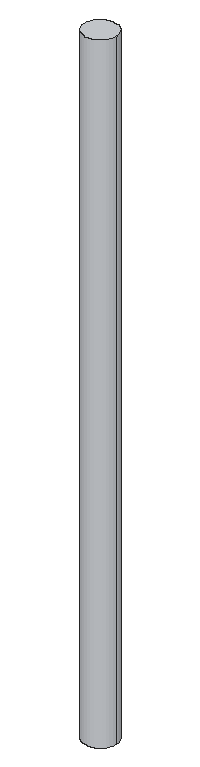
Revit family "f3e3329b2d644ba18b59fd1607a09ebd", category Columns, Revit 2020
Family settings
  OmniClass Number = 23.25.30.11.14.11
  OmniClass Title = Columns
  Seek Item ID = Round Column-0000-CAN-ENU
  Cut with Voids When Loaded = No
  Automatically joins geometry to walls = Yes
  Shared = No
  Show family pre-cut in plan views = Yes
Parameters (values of type "152mm Diameter")
  Diameter = 152.00 mm
  Material = none
  Offset Base = 0.00 mm
  Offset Top = 0.00 mm
Types (4, lengths in mm): name | Diameter
  (no name) | 152.00
  152mm Diameter | 152.00
  305mm Diameter | 305.00
  610mm Diameter | 610.00
Reference planes
  plane 1: y = 0
  plane 2: z = 0
  plane 3: x = 0
  plane 4: x = -76
  plane 5: x = 76
  plane 6: y = 76
  plane 7: y = -76
  plane 8: z = 3000
  plane 9: z = 0
Forms (mm)
  Extrusion 1, solid, material <- "Material"
    sketch origin (0, 0, 0) x (1, 0, 0) y (0, 1, 0)
      loop
        arc (-76, 0) -> (0, -76) -> (76, 0) r 76
        arc (76, 0) -> (53.74, 53.74) -> (0, 76) r 76
        arc (0, 76) -> (-53.74, 53.74) -> (-76, 0) r 76
    from 0 to 3000
Dimensions and locks
  equal spacing: plane 4, plane 3, plane 5
  "Diameter": plane 4 to plane 5
  equal spacing: plane 6, plane 1, plane 7
  "Diameter": plane 7 to plane 6
  "Offset Base": plane 9 to level
  "Offset Top": level to plane 8
  aligned and locked: Extrusion 1 to plane 9
  aligned and locked: plane 8 to Extrusion 1
Automatic sketch dimensions
  Extrusion 1 sketch curve to plane 1 = 0.00 mm  (x2)
  Extrusion 1 sketch curve to plane 4 = 0.00 mm  (x2)
  Extrusion 1 sketch curve to plane 3 = 0.00 mm
